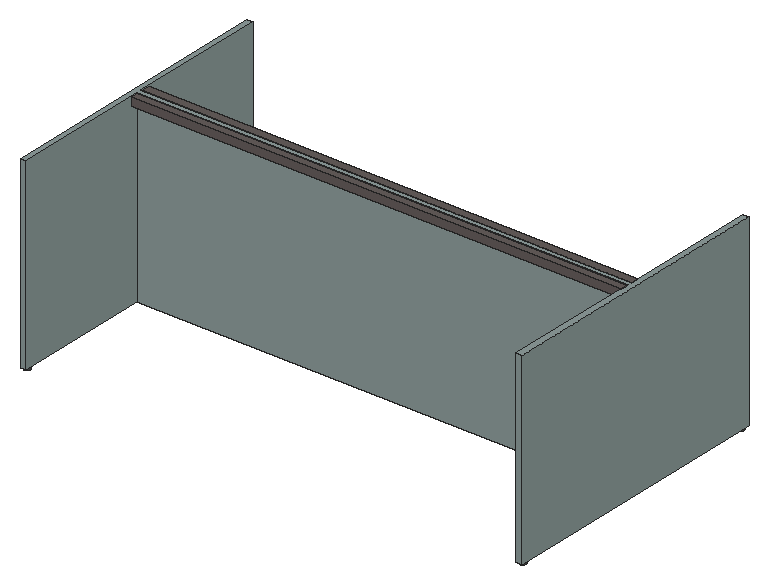
Revit family "Supports-Teknion-CEWIB-Island_Structure_Gables_Storage_Both_ Side-Expansion_Casework+-R2023", category Furniture, Revit 2023
Family settings
  OmniClass Number = 23.40.20.00
  OmniClass Title = General Furniture and Specialties
  Work Plane-Based = No
  Enable Cutting in Views = No
  Always vertical = Yes
  Cut with Voids When Loaded = No
  Render Appearance Source = Family Geometry
  Shared = Yes
  Room Calculation Point = No
Parameters (values of type "(F) Flush Front")
  Width [instance] = 92.000"
  Warranty = "http://www.teknion.com/ca/papers/legal-canada"
  Unit Weight URL = "http://www.teknion.com/ca/tools/assets#&asset=bee6a381-b954-425e-8283-5a2de3a804f2,f828d448-4b62-4231-9e5f-9a8991c0ed77"
  URL = "www.teknion.com"
  To render please download texture images found here [instance] = "https://assets.teknion.com/web/5e81352c1dfdb467/revit-material-swatches/"
  Sustainability Data = "https://www.teknion.com/ca/tools/assets#&topic=216f99a5-57a0-44fc-b10a-9dee9b29ae4c&asset=444deb64-fe58-4b68-981e-f75e97781df7,b4ff2d81-9f2e-437d-9659-7cffb09c31cf"
  Series = "Expansion Casework+"  # constant formula
  R = no
  Product Page URL = "https://www.teknion.com/ca/products/product-details?productLineId=30ca1270-8e7a-673b-a6c8-ff05004460c4"
  Product Line = "Countertop & Supports"  # constant formula
  Product Documentation Link = "https://www.teknion.com/pricing/expansion-casework/pdfs/CEWIB_ppg.pdf"
  Part Number = "CEWIB2424F_______"
  Model = "CEWIB"  # constant formula
  Manufacturer Phone = "416-661-3370"  # constant formula
  Manufacturer Fax = "416.661.4586"  # constant formula
  Manufacturer Contact Information = "http://www.teknion.com/ca/contactus"
  Manufacturer Address = "1150 Flint Road, Toronto, ON. M3J 2J5. Canada"  # constant formula
  Manufacturer = "Teknion"  # constant formula
  How To Use Teknion Materials User Guide [instance] = "https://assets.teknion.com/m/205dd0a49fa58060/original/How-to-add-a-Material-Library-and-Texture-Images-to-your-Revit-project.pdf"
  Height [instance] = 35.000"
  Grade 2 Laminate [instance] = "Flintwood (NOT AVAILABLE)"  # constant formula
  Gable Finish [instance] = Grade 2 Laminate - Teknion - W6 - Spruce
  For Additional Finishes please visit [instance] = "https://assets.teknion.com/m/44a8009b046e5d47/original/Teknion_Materials_Library.zip"
  Flintwood [instance] = "Grade 2 (NOT AVAILABLE)"  # constant formula
  Gabel Finish Availabilty For Center Panel Finish [instance] = "NOTE: Restriction on Finishes, Pick Available Only"  # constant formula
  F = yes
  Description = "Island Structure with Gables – Storage on Both Sides"  # constant formula
  Depth = if(F, 52.000", 54.000")  # 52.000"
  Default Elevation = 0.000"
  Center Panel Finish [instance] = Veneer - Teknion - VB - Flintwood - Black Walnut
  Available Width [instance] = "62, 65, 68, 71, 74, 77, 80, 83, 86, 89 & 92 Inches"  # constant formula
  Available Height [instance] = "32 & 35 Inches"  # constant formula
  Source Laminate [instance] = "Grade 2 and Flintwood (NOT AVAILABLE)"  # constant formula
  Available Depth = "52 & 54 Inches"  # constant formula
  Assembly Code = "E2020200"
Types (3): name | R | Part Number | F | Depth
  (no name) | no | "CEWIB2424F_______" | yes | 52.000"
  (F) Flush Front | no | "CEWIB2424F_______" | yes | 52.000"
  (R) Recessed Front | yes | "CEWIB2424R_______" | no | 54.000"
Reference planes (in)
  plane 1 "Center Front/Back": y = 0
  plane 2: z = 0
  plane 3 "Center Left/Right": x = 0
  plane 4 "Left": x = -46
  plane 5 "Right": x = 46
  plane 6 "Back": y = 26
  plane 7 "Front": y = -26
  plane 8 "Top": z = 35
Forms (in)
  Sweep 1, solid, material "Grade 2 Laminate - Teknion - W6 - Spruce" <- "Gable Finish"
    path origin (0, 0, 0) x (1, 0, 0) y (0, 0, 1)
      loop
        line (0, 34.75) -> (0, 0.37795)
    profile origin (0, 0, 17.56398) x (0, -1, 0) y (1, 0, 0)
      loop
        line (-26, -46) -> (26, -46) -> (26, -45) -> (0.5, -45) -> (0.5, 45) -> (26, 45) -> (26, 46) -> (-26, 46) -> (-26, 45) -> (-0.5, 45) -> (-0.5, -45) -> (-26, -45) -> (-26, -46)
  Sweep 2, solid, material "Veneer - Teknion - VB - Flintwood - Black Walnut" <- "Center Panel Finish"
    path origin (0, 0, 0) x (1, 0, 0) y (0, 1, 0)
      loop
        line (-45, 0) -> (45, 0)
    profile origin (0, 0, 0) x (0, 1, 0) y (0, 0, 1)
      loop
        line (-1.95276, 33.25) -> (-0.5, 33.25) -> (-0.5, 34.75) -> (-1.95276, 34.75) -> (-1.95276, 33.25)
      loop
        line (1.95276, 34.75) -> (0.5, 34.75) -> (0.5, 33.25) -> (1.95276, 33.25) -> (1.95276, 34.75)
  Sweep 3, solid, material "Plastic - Teknion - E - Ebony"
    path origin (0, 0, 0) x (1, 0, 0) y (0, 0, 1)
      loop
        line (0, 0.37795) -> (0, 0)
    profile origin (0, 0, 0.18898) x (0, -1, 0) y (1, 0, 0)
      loop
        circle (-25.01046, -45.49964) r 0.5
      loop
        circle (-25.01046, 45.49964) r 0.5
      loop
        circle (25.01046, -45.49964) r 0.5
      loop
        circle (25.01046, 45.49964) r 0.5
Lines and regions (in)
  Masking region 1
    outline origin (0, 0, 0) x (1, 0, 0) y (0, 1, 0)
      loop
        line (-46, 26) -> (-46, -26) -> (-45, -26) -> (-45, -1.95276) -> (45, -1.95276) -> (45, -26) -> (46, -26) -> (46, 26) -> (45, 26) -> (45, 1.95276) -> (-45, 1.95276) -> (-45, 26) -> (-46, 26)
  symbolic lines, style "Furniture"
    curve 1: line (-45, 0.5, 0) -> (45, 0.5, 0)
    curve 2: line (45, -0.5, 0) -> (-45, -0.5, 0)
    curve 3: line (-45, 1.95276, 0) -> (-45, -1.95276, 0)
    curve 4: line (45, 1.95276, 0) -> (45, -1.95276, 0)
  reference lines
    curve 5: line (-46, 26, 0) -> (-46, -26, 0)
    curve 6: line (-46, 26, 0) -> (46, 26, 0)
    curve 7: line (46, -26, 0) -> (46, 26, 0)
    curve 8: line (-46, -26, 0) -> (44.5167, -26, 0)
  symbolic lines, style "FurnitureHiddenLines", detail levels fine
    curve 9: arc (-45.49964, -25.51046, 0) -> (-44.99964, -25.01046, 0) -> (-45.49964, -24.51046, 0) r 0.5
    curve 10: arc (-45.49964, -24.51046, 0) -> (-45.99964, -25.01046, 0) -> (-45.49964, -25.51046, 0) r 0.5
    curve 11: arc (-45.49964, 24.51046, 0) -> (-44.99964, 25.01046, 0) -> (-45.49964, 25.51046, 0) r 0.5
    curve 12: arc (-45.49964, 25.51046, 0) -> (-45.99964, 25.01046, 0) -> (-45.49964, 24.51046, 0) r 0.5
    curve 13: arc (45.49964, 24.51046, 0) -> (45.99964, 25.01046, 0) -> (45.49964, 25.51046, 0) r 0.5
    curve 14: arc (45.49964, 25.51046, 0) -> (44.99964, 25.01046, 0) -> (45.49964, 24.51046, 0) r 0.5
    curve 15: arc (45.49964, -25.51046, 0) -> (45.99964, -25.01046, 0) -> (45.49964, -24.51046, 0) r 0.5
    curve 16: arc (45.49964, -24.51046, 0) -> (44.99964, -25.01046, 0) -> (45.49964, -25.51046, 0) r 0.5
Dimensions and locks (in)
  "Width": plane 4 "Left" to plane 5 "Right"
  "Depth": plane 6 "Back" to plane 7 "Front"
  "Height": plane 8 "Top" to level
  equal spacing: plane 4 "Left", plane 3 "Center Left/Right", plane 5 "Right"
  equal spacing: plane 6 "Back", plane 1 "Center Front/Back", plane 7 "Front"
  locked: plane 8 "Top" to Sweep 1 sketch curve at 0.25
  locked: Sweep 1 sketch curve to plane 2 at 0.37795
  locked: plane 4 "Left" to Sweep 1 sketch curve at 1
  locked: Sweep 1 sketch curve to plane 5 "Right" at 1
  Sweep 1 sketch curve to plane 1 "Center Front/Back" to Sweep 1 sketch curve = 0.500" locked, 0.500" locked
  locked: plane 4 "Left" to Sweep 2 sketch curve at 1
  locked: Sweep 2 sketch curve to plane 5 "Right" at 1
  Sweep 2 sketch curve to Sweep 2 sketch curve to plane 1 "Center Front/Back" to Sweep 2 sketch curve to Sweep 2 sketch curve = 1.45276" locked, 0.500" locked, 0.500" locked, 1.45276" locked
  plane 8 "Top" to Sweep 2 sketch curve to Sweep 2 sketch curve to Sweep 2 sketch curve to Sweep 2 sketch curve = 0.250" locked, 0.000" locked, 1.500" locked, 0.000" locked
  locked: Sweep 3 sketch curve to plane 2 at 0.37795
  plane 4 "Left" to Sweep 3 sketch curve to Sweep 3 sketch curve = 0.50036" locked, 0.000" locked
  Sweep 3 sketch curve to Sweep 3 sketch curve to plane 5 "Right" = 0.000" locked, 0.50036" locked
  plane 6 "Back" to Sweep 3 sketch curve to Sweep 3 sketch curve = 0.98954" locked, 0.000" locked
  plane 7 "Front" to Sweep 3 sketch curve to Sweep 3 sketch curve = 0.98954" locked, 0.000" locked
  locked: plane 4 "Left" to nested 5 at 1
  locked: plane 4 "Left" to nested 6 at 1
  locked: nested 11 to plane 5 "Right" at 1
  locked: nested 8 to plane 5 "Right" at 1
  locked: plane 6 "Back" to nested 12 at 1
  locked: plane 6 "Back" to nested 7 at 1
  locked: plane 4 "Left" to nested 12 at 1
  locked: nested 7 to plane 5 "Right" at 1
  locked: plane 7 "Front" to nested 10 at 1
  locked: nested 10 to plane 5 "Right" at 1
  locked: plane 4 "Left" to nested 9 at 1
  locked: plane 7 "Front" to nested 9 at 1
  aligned and locked: level to plane 2
  aligned and locked: Sweep 1 sketch curve to plane 3 "Center Left/Right"
  aligned and locked: plane 4 "Left" to Sweep 1 sketch curve
  aligned and locked: Sweep 1 sketch curve to plane 6 "Back"
  aligned and locked: Sweep 1 sketch curve to plane 7 "Front"
  aligned and locked: Sweep 1 sketch curve to plane 5 "Right"
  aligned and locked: plane 6 "Back" to Sweep 1 sketch curve
  aligned and locked: plane 7 "Front" to Sweep 1 sketch curve
  aligned and locked: Sweep 1 sketch curve to Sweep 1 sketch curve  (x2)
  aligned and locked: plane 1 "Center Front/Back" to Sweep 2 sketch curve
  aligned and locked: plane 2 to Sweep 3 sketch curve
  aligned and locked: Masking region 1 sketch curve to Sweep 1  (x8)
  aligned and locked: Sweep 1 to Masking region 1 sketch curve  (x2)
  aligned and locked: Masking region 1 sketch curve to Sweep 2  (x2)
  aligned and locked: curve 1 to Sweep 2
  aligned and locked: Sweep 2 to curve 2
  aligned and locked: curve 3 to Masking region 1  (x2)
  aligned and locked: Masking region 1 to curve 3
  aligned and locked: Masking region 1 to curve 4  (x2)
  aligned and locked: curve 4 to Masking region 1
  aligned and locked: nested 4 to plane 7 "Front"
  aligned and locked: nested 4 to plane 4 "Left"
  aligned and locked: nested 3 to plane 5 "Right"
  aligned and locked: plane 7 "Front" to nested 3
  aligned and locked: nested 2 to plane 6 "Back"
  aligned and locked: nested 2 to plane 5 "Right"
  aligned and locked: nested 1 to plane 6 "Back"
  aligned and locked: plane 4 "Left" to nested 1
  aligned and locked: curve 5 to Sweep 1
  aligned and locked: curve 6 to plane 6 "Back"
  aligned and locked: curve 7 to Sweep 1
  aligned and locked: curve 8 to plane 7 "Front"
  aligned and locked: curve 9 to Sweep 3
  aligned and locked: curve 10 to Sweep 3
  aligned and locked: curve 11 to Sweep 3
  aligned and locked: curve 12 to Sweep 3
  aligned and locked: curve 13 to Sweep 3
  aligned and locked: curve 14 to Sweep 3
  aligned and locked: curve 15 to Sweep 3
  aligned and locked: curve 16 to Sweep 3
  aligned and locked: nested 6 to plane 6 "Back"
  aligned and locked: nested 11 to plane 6 "Back"
  aligned and locked: nested 5 to plane 7 "Front"
  aligned and locked: plane 7 "Front" to nested 8
Automatic sketch dimensions
  Sweep 1 sketch curve to Sweep 1 sketch curve = 0.000"
  Sweep 3 sketch curve to plane 3 "Center Left/Right" = 0.000"
  curve 8 to plane 4 "Left" = 0.000"
  curve 7 to plane 5 "Right" = 0.000"
  plane 7 "Front" to curve 7 = 0.000"
  plane 5 "Right" to curve 8 = 1.4833"
  radius of Sweep 3 sketch curve = 0.500"  (x4)
Nested families (in)
  nested 1: "Teknion_2D_Node_Family-R2021" at (-46, 26, 0), type "Teknion_2D_Node_Family-R2021"
  nested 2: "Teknion_2D_Node_Family-R2021" at (46, 26, 0), type "Teknion_2D_Node_Family-R2021"
  nested 3: "Teknion_2D_Node_Family-R2021" at (46, -26, 0), type "Teknion_2D_Node_Family-R2021"
  nested 4: "Teknion_2D_Node_Family-R2021" at (-46, -26, 0), type "Teknion_2D_Node_Family-R2021"
  nested 5: "Teknion_2D_Node_Family-R2021" at (-45, -26, 0), visible <- "F", type "Teknion_2D_Node_Family-R2021"
  nested 6: "Teknion_2D_Node_Family-R2021" at (-45, 26, 0), visible <- "F", type "Teknion_2D_Node_Family-R2021"
  nested 7: "Teknion_2D_Node_Family-R2021" at (45, 25, 0), visible <- "R", type "Teknion_2D_Node_Family-R2021"
  nested 8: "Teknion_2D_Node_Family-R2021" at (45, -26, 0), visible <- "F", type "Teknion_2D_Node_Family-R2021"
  nested 9: "Teknion_2D_Node_Family-R2021" at (-45, -25, 0), visible <- "R", type "Teknion_2D_Node_Family-R2021"
  nested 10: "Teknion_2D_Node_Family-R2021" at (45, -25, 0), visible <- "R", type "Teknion_2D_Node_Family-R2021"
  nested 11: "Teknion_2D_Node_Family-R2021" at (45, 26, 0), visible <- "F", type "Teknion_2D_Node_Family-R2021"
  nested 12: "Teknion_2D_Node_Family-R2021" at (-45, 25, 0), visible <- "R", type "Teknion_2D_Node_Family-R2021"
Definition of nested family "Teknion_2D_Node_Family-R2021"
  Reference planes (in)
    plane 1 "Center (Front/Back)": y = 0
    plane 2: z = 0
    plane 3 "Center (Left/Right)": x = 0
  Lines and regions (in)
    detail lines, in view "Ref. Level"
      curve 1: circle (0, 0, 0) r 1.25 normal (0, 0, 1)
      curve 2: line (1.91508, -1.91508, 0) -> (-1.91508, 1.91508, 0)
      curve 3: line (-1.91508, -1.91508, 0) -> (1.91508, 1.91508, 0)
